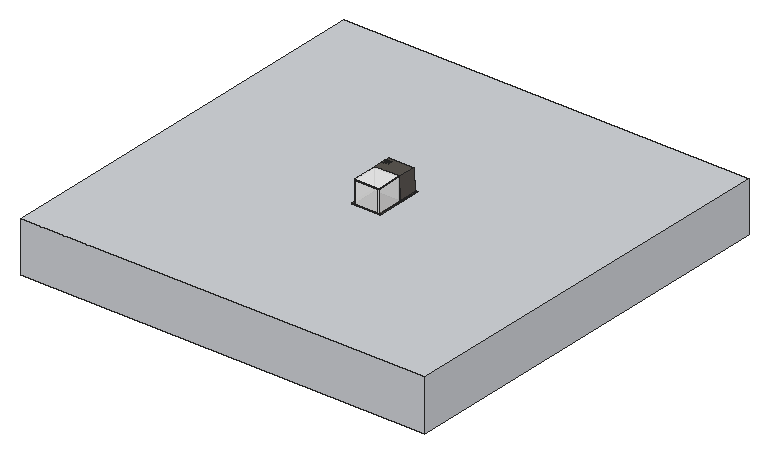
Revit family "NRG304B", category Lighting Fixtures, host Face, Revit 2012
Parameters (values of type "NRG 304B")
  Wattage Comments = "42-70W"
  Wattage = 9.2903 W
  built-in parameter 1150110 = 1 (stored number, unit not read)
  URL = "http://www.hubbelloutdoor.com/"
  built-in parameter 1114217 = 1 (stored number, unit not read)
  built-in parameter 1150109 = 1 (stored number, unit not read)
  built-in parameter 1150134 = 3
  built-in parameter 1150113 = 1 (stored number, unit not read)
  Product Page URL = "http://www.hubbelloutdoor.com/products/nrg_200b_series_1"
  Product Documentation Link = "http://www.hubbelloutdoor.com/content/products/specs/specs_files/nrg200b.pdf"
  Mounting = "Ceiling Or Wall Mount"  # constant formula
  Model = "NRG 304B"  # constant formula
  Manufacturer Phone = "(864)-678-1000"  # constant formula
  Manufacturer Fax = "(864)-678-1415"  # constant formula
  Manufacturer = "Hubbell Outdoor Lighting"  # constant formula
  built-in parameter 1150105 = 109.82 (stored number, unit not read)
  Lumens = 1380 lm
  built-in parameter 1150115 = 1 (stored number, unit not read)
  Light Source Symbol Size = 4.500"
  built-in parameter 1150137 = (empty or 0)
  built-in parameter 1150139 = (empty or 0)
  built-in parameter 1150112 = 1 (stored number, unit not read)
  built-in parameter 1150114 = 1 (stored number, unit not read)
  Lamp = "CFL,HPS,PSMH"  # constant formula
  built-in parameter 1150132 = (empty or 0)
  built-in parameter 1150102 = (empty or 0)
  built-in parameter 1150107 = 3200 (stored number, unit not read)
  built-in parameter 1150138 = (empty or 0)
  built-in parameter 1150106 = 1.0982 (stored number, unit not read)
  Glass Pattern = Glass 2
  Glass = Glass
  built-in parameter 1150104 = 13.8 (stored number, unit not read)
  Dimming Lamp Color Temperature Shift = <None>
  Description = "Entry or single story perimeter lighting for safety, security and identity. Use on commercial buildings, shopping centers, schools, apartment complexes as well as non-supervised vandal prone applications."  # constant formula
  Default Elevation = 48.000"
  Color Filter = 16777215
  built-in parameter 1114218 = 1 (stored number, unit not read)
  Backbox = Dark Bronze
  built-in parameter 1150133 = 10 (stored number, unit not read)
Reference planes (in)
  plane 1 "Center (Front/Back)": y = 0.03999
  plane 2: z = 0.05597
  plane 3 "Center (Left/Right)": x = 0.01104
  plane 4: y = 5.54999
  plane 5: x = -3.43396
  plane 6: y = -5.47001
  plane 7: x = 3.45604
  plane 8: z = 5.45357
  plane 9: z = 0.22611
  plane 10: z = 0.37549
  plane 11: y = 0.95544
  plane 12: y = -4.74036
  plane 13: y = -5.23424
  plane 14: y = 5.24999
  plane 15: z = 5.11763
Forms (in)
  Extrusion 1, solid
    sketch origin (0, 0, 0.06357) x (1, 0, 0) y (0, 1, 0)
      loop
        line (-48, 48) -> (-48, -48) -> (48, -48) -> (48, 48) -> (-48, 48)
    from -0.0076 to -12
  Extrusion 2, solid, material "Dark Bronze" <- "Backbox"
    sketch origin (0, 0, 0.06357) x (1, 0, 0) y (0, 1, 0)
      loop
        line (-3.13396, 5.24999) -> (-3.13396, -5.23424) -> (3.15604, -5.23424) -> (3.15604, 5.24999) -> (-3.13396, 5.24999)
    from 0 to 0.16254
  Extrusion 3, solid, material "Dark Bronze" <- "Backbox"
    sketch origin (0, 0, 0.06357) x (1, 0, 0) y (0, 1, 0)
      loop
        line (-3.43396, 5.54999) -> (-3.43396, -5.47001) -> (3.45604, -5.47001) -> (3.45604, 5.54999) -> (-3.43396, 5.54999)
    from 0.16254 to 0.31192
  Blend 4, solid, material "Dark Bronze" <- "Backbox"
    base sketch origin (0, 0, 0.06357) x (1, 0, 0) y (0, 1, 0)
      loop
        line (-3.13396, 5.24999) -> (-3.13396, 0.95544) -> (3.15604, 0.95544) -> (3.15604, 5.24999) -> (-3.13396, 5.24999)
    top sketch origin (0, 0, 0.06357) x (1, 0, 0) y (0, 1, 0)
      loop
        line (-2.93396, 5.04999) -> (-2.93396, 0.95544) -> (2.95604, 0.95544) -> (2.95604, 5.04999) -> (-2.93396, 5.04999)
    from 0.31192 to 5.39
  Extrusion 5, solid, material "Glass 2" <- "Glass Pattern"
    sketch origin (0, 0, 0.06357) x (1, 0, 0) y (0, 1, 0)
      loop
        line (-2.93396, 0.95544) -> (-2.93396, -4.98424)
        arc (-2.93396, -4.98424) -> (-2.86074, -5.16101) -> (-2.68396, -5.23424) r 0.25
        line (-2.68396, -5.23424) -> (2.70604, -5.23424)
        arc (2.70604, -5.23424) -> (2.88282, -5.16101) -> (2.95604, -4.98424) r 0.25
        line (2.95604, -4.98424) -> (2.95604, 0.95544) -> (-2.93396, 0.95544)
      loop
        arc (-2.83396, -4.98424) -> (-2.79003, -5.0903) -> (-2.68396, -5.13424) r 0.15
        line (-2.68396, -5.13424) -> (2.70604, -5.13424)
        arc (2.70604, -5.13424) -> (2.81211, -5.0903) -> (2.85604, -4.98424) r 0.15
        line (2.85604, -4.98424) -> (2.85604, 0.85544) -> (-2.83396, 0.85544) -> (-2.83396, -4.98424)
    from 0 to 5.17685
  Extrusion 6, solid, material "Glass" <- "Glass"
    sketch origin (0, 0, 0.06357) x (1, 0, 0) y (0, 1, 0)
      loop
        line (-2.93396, 0.95544) -> (-2.93396, -4.98424)
        arc (-2.93396, -4.98424) -> (-2.86074, -5.16101) -> (-2.68396, -5.23424) r 0.25
        line (-2.68396, -5.23424) -> (2.70604, -5.23424)
        arc (2.70604, -5.23424) -> (2.88282, -5.16101) -> (2.95604, -4.98424) r 0.25
        line (2.95604, -4.98424) -> (2.95604, 0.95544) -> (-2.93396, 0.95544)
    from 5.17685 to 5.39
  Extrusion 7, void
    sketch origin (0, 0, 0.06357) x (1, 0, 0) y (0, 1, 0)
      loop
        circle (-2.21793, 3.56168) r 0.25
    from 5.05406 to 5.39
  Extrusion 8, void
    sketch origin (0, 0, 0.06357) x (1, 0, 0) y (0, 1, 0)
      loop
        line (-3.13396, 4.21371) -> (-3.13396, 4.12232) -> (-1.5203, 4.12232) -> (-1.5203, 4.21371) -> (-3.13396, 4.21371)
    from 5.17685 to 5.39
  Extrusion 9, void
    sketch origin (0, -1.16076, 0.06357) x (1, 0, 0) y (0, 1, 0)
      loop
        line (-3.13396, 4.21371) -> (-3.13396, 4.12232) -> (-1.5203, 4.12232) -> (-1.5203, 4.21371) -> (-3.13396, 4.21371)
    from 5.17685 to 5.39
  Extrusion 10, void
    sketch origin (0, -0.29019, 0.06357) x (1, 0, 0) y (0, 1, 0)
      loop
        line (-3.13396, 4.21371) -> (-3.13396, 4.12232) -> (-1.5203, 4.12232) -> (-1.5203, 4.21371) -> (-3.13396, 4.21371)
    from 5.17685 to 5.39
  Extrusion 11, void
    sketch origin (0, -0.58038, 0.06357) x (1, 0, 0) y (0, 1, 0)
      loop
        line (-3.13396, 4.21371) -> (-3.13396, 4.12232) -> (-1.5203, 4.12232) -> (-1.5203, 4.21371) -> (-3.13396, 4.21371)
    from 5.17685 to 5.39
  Extrusion 12, void
    sketch origin (0, -0.87057, 0.06357) x (1, 0, 0) y (0, 1, 0)
      loop
        line (-3.13396, 4.21371) -> (-3.13396, 4.12232) -> (-1.5203, 4.12232) -> (-1.5203, 4.21371) -> (-3.13396, 4.21371)
    from 5.17685 to 5.39
Cuts and joins
  Extrusion 7, Extrusion 8 cuts Extrusion 2
  Extrusion 7, Extrusion 8 cuts Extrusion 3
  Extrusion 7, Extrusion 8, Extrusion 9, Extrusion 10, Extrusion 11, Extrusion 12 cuts Blend 4
Dimensions and locks (in)
  locked: plane 5 to plane 3 "Center (Left/Right)" at 3.445
  locked: plane 4 to plane 1 "Center (Front/Back)" at 5.51
  locked: plane 6 to plane 1 "Center (Front/Back)" at 5.51
  locked: plane 7 to plane 3 "Center (Left/Right)" at 3.445
  locked: plane 8 to level at 5.39
  plane 6 to plane 4 = 11.020"
  equal spacing: group 1, group 3, group 4, group 5, group 2  (x2)
  equal spacing: group 2, group 5, group 4, group 3, group 1
  locked: Blend 4 to plane 1 "Center (Front/Back)" at 0.91545
  plane 3 "Center (Left/Right)" to Blend 4 sketch curve to plane 7 = 2.945" locked, 0.500" locked
  Blend 4 sketch curve to Blend 4 sketch curve to plane 4 = 4.09455" locked, 0.500" locked
  Extrusion 5 sketch curve to Extrusion 5 sketch curve to Extrusion 5 sketch curve = 5.690" locked, 0.100" locked
  Extrusion 5 sketch curve to Extrusion 5 sketch curve to Extrusion 5 sketch curve = 5.98968" locked, 0.100" locked
  locked: plane 3 "Center (Left/Right)" to Extrusion 6 at 2.945
  locked: plane 3 "Center (Left/Right)" to Extrusion 5 at 2.945
  locked: plane 3 "Center (Left/Right)" to Blend 4 at 3.145
  aligned and locked: plane 2 to Extrusion 1
  aligned and locked: plane 9 to Extrusion 2
  aligned and locked: Extrusion 3 sketch curve to plane 4
  aligned and locked: plane 5 to Extrusion 3 sketch curve
  aligned and locked: Extrusion 3 sketch curve to plane 6
  aligned and locked: plane 7 to Extrusion 3 sketch curve
  aligned and locked: Extrusion 3 to plane 9
  aligned and locked: plane 10 to Extrusion 3
  aligned and locked: Blend 4 sketch curve to Extrusion 2  (x3)
  aligned and locked: plane 11 to Blend 4 sketch curve  (x2)
  aligned and locked: plane 8 to Blend 4
  aligned and locked: Extrusion 5 sketch curve to Extrusion 2
  aligned and locked: Extrusion 5 sketch curve to Blend 4  (x2)
  aligned and locked: plane 11 to Extrusion 5
  aligned and locked: plane 8 to Extrusion 6
  aligned and locked: Blend 4 to Extrusion 6 sketch curve
  aligned and locked: Extrusion 6 sketch curve to Extrusion 5  (x4)
  aligned and locked: plane 8 to Extrusion 7
  aligned and locked: Extrusion 7 to plane 15
  aligned and locked: plane 8 to Extrusion 8
  aligned and locked: Extrusion 2 to Extrusion 8
  aligned and locked: plane 3 "Center (Left/Right)" to imposter light
  aligned and locked: Blend 4 to plane 10
Connectors (in)
  electrical at (0.01104, -3.08768, 0.06357), driven by "Description"
    settings: on Extrusion 5, index 1, voltage 0 V, apparent load 0 VA, apparent load phase1 0 VA, apparent load phase2 0 VA, apparent load phase3 0 VA, power factor 1, load classification "Other", number of poles 1, system type 30, power factor state 1, is connector primary yes, connector utility no, sub classification motor no, connector description "Entry or single story perimeter lighting for safety, security and identity. Use on commercial buildings, shopping centers, schools, apartment complexes as well as non-supervised vandal prone applications."
